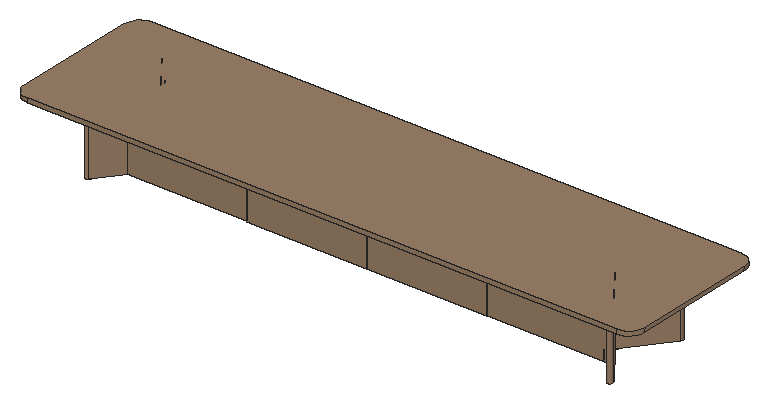
Revit family "Table-Teknion-CFTFFE_Figure_Table_Rectangular_Enclosed_V_Leg_Flat_Edge-R2023", category Furniture, Revit 2023 (continued)
Dimensions and locks (in)
  aligned and locked: Masking region 3 sketch curve to nested 3  (x14)
  aligned and locked: nested 3 to Masking region 3 sketch curve  (x5)
  aligned and locked: curve 12 to nested 2
  aligned and locked: curve 13 to nested 2
  aligned and locked: curve 14 to nested 2
  aligned and locked: curve 15 to nested 2
  aligned and locked: curve 16 to nested 3
  aligned and locked: curve 17 to nested 3
  aligned and locked: curve 18 to nested 3
  aligned and locked: curve 19 to nested 3
  aligned and locked: curve 20 to nested 1
  aligned and locked: curve 21 to nested 1
  aligned and locked: curve 22 to nested 1
  aligned and locked: curve 23 to nested 1
  aligned and locked: curve 25 to nested 2
  aligned and locked: curve 27 to nested 2
  aligned and locked: curve 29 to nested 2
  aligned and locked: curve 31 to nested 2
  aligned and locked: curve 32 to nested 2
  aligned and locked: curve 33 to nested 2
  aligned and locked: curve 34 to nested 2
  aligned and locked: curve 35 to nested 2
  aligned and locked: curve 36 to nested 2
  aligned and locked: curve 37 to nested 2
  aligned and locked: curve 38 to nested 2
  aligned and locked: curve 39 to nested 2
  aligned and locked: curve 40 to nested 2
  aligned and locked: curve 41 to nested 2
  aligned and locked: curve 42 to nested 2
  aligned and locked: curve 43 to nested 2
  aligned and locked: curve 44 to nested 2
  aligned and locked: curve 45 to nested 2
  aligned and locked: curve 46 to nested 2
  aligned and locked: curve 47 to nested 2
  aligned and locked: curve 48 to nested 2
  aligned and locked: curve 49 to nested 2
  aligned and locked: curve 50 to nested 2
  aligned and locked: curve 51 to nested 2
  aligned and locked: curve 53 to nested 3
  aligned and locked: curve 55 to nested 3
  aligned and locked: curve 57 to nested 3
  aligned and locked: curve 59 to nested 3
  aligned and locked: curve 60 to nested 3
  aligned and locked: curve 61 to nested 3
  aligned and locked: curve 62 to nested 3
  aligned and locked: curve 63 to nested 3
  aligned and locked: curve 64 to nested 3
  aligned and locked: curve 65 to nested 3
  aligned and locked: curve 66 to nested 3
  aligned and locked: curve 67 to nested 3
  aligned and locked: curve 68 to nested 3
  aligned and locked: curve 69 to nested 3
  aligned and locked: curve 70 to nested 3
  aligned and locked: curve 71 to nested 3
  aligned and locked: curve 72 to nested 3
  aligned and locked: curve 73 to nested 3
  aligned and locked: curve 74 to nested 3
  aligned and locked: curve 75 to nested 3
  aligned and locked: curve 76 to nested 3
  aligned and locked: curve 77 to nested 3
  aligned and locked: curve 78 to nested 3
  aligned and locked: curve 79 to nested 3
  aligned and locked: curve 81 to nested 1
  aligned and locked: curve 83 to nested 1
  aligned and locked: curve 85 to nested 1
  aligned and locked: curve 87 to nested 1
  aligned and locked: curve 88 to nested 1
  aligned and locked: curve 89 to nested 1
  aligned and locked: curve 90 to nested 1
  aligned and locked: curve 91 to nested 1
  aligned and locked: curve 92 to nested 1
  aligned and locked: curve 93 to nested 1
  aligned and locked: curve 94 to nested 1
  aligned and locked: curve 95 to nested 1
  aligned and locked: curve 96 to nested 1
  aligned and locked: curve 97 to nested 1
  aligned and locked: curve 98 to nested 1
  aligned and locked: curve 99 to nested 1
  aligned and locked: curve 100 to nested 1
  aligned and locked: curve 101 to nested 1
  aligned and locked: curve 102 to nested 1
  aligned and locked: curve 103 to nested 1
  aligned and locked: curve 104 to nested 1
  aligned and locked: curve 105 to nested 1
  aligned and locked: curve 106 to nested 1
  aligned and locked: curve 107 to nested 1
  aligned and locked: curve 109 to Sweep 5
  aligned and locked: curve 111 to Sweep 5
  aligned and locked: curve 113 to Sweep 5
  aligned and locked: curve 115 to Sweep 5
  aligned and locked: curve 117 to Sweep 6
  aligned and locked: curve 119 to Sweep 6
  aligned and locked: curve 121 to Sweep 6
  aligned and locked: curve 123 to Sweep 6
  aligned and locked: curve 125 to Sweep 5
  aligned and locked: curve 127 to Sweep 5
  aligned and locked: curve 129 to Sweep 5
  aligned and locked: curve 131 to Sweep 5
  aligned and locked: curve 137 to Sweep 3
  aligned and locked: curve 139 to Sweep 3
  aligned and locked: curve 141 to Sweep 3
  aligned and locked: curve 143 to Sweep 3
  aligned and locked: curve 145 to Sweep 3
  aligned and locked: curve 147 to Sweep 3
  aligned and locked: curve 149 to Sweep 3
  aligned and locked: curve 151 to Sweep 3
  aligned and locked: curve 153 to Sweep 4
  aligned and locked: curve 155 to Sweep 4
  aligned and locked: curve 157 to Sweep 4
  aligned and locked: curve 159 to Sweep 4
  aligned and locked: curve 160 to plane 6 "Back"
  aligned and locked: plane 7 "Front" to curve 161
  aligned and locked: curve 162 to plane 4 "Left"
  aligned and locked: plane 5 "Right" to curve 163
  aligned and locked: plane 3 "Center Left/Right" to nested 4
  aligned and locked: plane 1 "Center Front/Back" to nested 4
  aligned and locked: nested 6 to plane 1 "Center Front/Back"
  aligned and locked: plane 1 "Center Front/Back" to nested 5
  aligned and locked: nested 5 to plane 10
  aligned and locked: nested 6 to plane 9
  aligned and locked: nested 9 to plane 17
  aligned and locked: plane 3 "Center Left/Right" to nested 8
  aligned and locked: plane 16 to nested 7
  aligned and locked: plane 1 "Center Front/Back" to nested 7
  aligned and locked: plane 1 "Center Front/Back" to nested 8
  aligned and locked: plane 1 "Center Front/Back" to nested 9
  aligned and locked: Sweep 7 sketch curve to plane 3 "Center Left/Right"
  aligned and locked: nested 6 to Sweep 7 sketch curve  (x4)
  aligned and locked: plane 18 to Sweep 7 sketch curve
  aligned and locked: nested 5 to Sweep 7 sketch curve  (x4)
  aligned and locked: Sweep 7 sketch curve to plane 19
  aligned and locked: Sweep 8 sketch curve to plane 1 "Center Front/Back"
  aligned and locked: plane 5 "Right" to Sweep 8 sketch curve
  aligned and locked: plane 4 "Left" to Sweep 8 sketch curve
  aligned and locked: plane 3 "Center Left/Right" to Sweep 9 sketch curve
  aligned and locked: plane 19 to Sweep 9 sketch curve
  aligned and locked: Sweep 9 sketch curve to plane 18
  aligned and locked: Sweep 9 sketch curve to Sweep 9 sketch curve  (x8)
  aligned and locked: plane 18 to Sweep 9 sketch curve
  aligned and locked: Sweep 9 sketch curve to plane 19
  aligned and locked: plane 3 "Center Left/Right" to Sweep 10 sketch curve
  aligned and locked: Sweep 10 sketch curve to plane 18
  aligned and locked: plane 19 to Sweep 10 sketch curve
  aligned and locked: Sweep 10 sketch curve to Sweep 10 sketch curve  (x4)
  aligned and locked: nested 8 to Masking region 4 sketch curve  (x2)
  aligned and locked: Masking region 4 sketch curve to nested 8  (x2)
  aligned and locked: nested 3 to Masking region 4 sketch curve  (x4)
  aligned and locked: curve 165 to nested 6
  aligned and locked: curve 167 to nested 6
  aligned and locked: curve 168 to nested 6
  aligned and locked: curve 169 to nested 6
  aligned and locked: curve 170 to nested 6
  aligned and locked: curve 171 to nested 6
  aligned and locked: curve 172 to nested 6
  aligned and locked: curve 173 to nested 6
  aligned and locked: curve 174 to nested 6
  aligned and locked: curve 175 to nested 6
  aligned and locked: curve 176 to nested 5
  aligned and locked: curve 178 to nested 5
  aligned and locked: curve 179 to nested 5
  aligned and locked: curve 180 to nested 5
  aligned and locked: curve 182 to nested 5
  aligned and locked: curve 183 to nested 5
  aligned and locked: curve 184 to nested 5
  aligned and locked: curve 185 to nested 5
  aligned and locked: curve 186 to nested 5
  aligned and locked: curve 187 to nested 5
  aligned and locked: curve 190 to cut or joined group of Sweep 7, Sweep 8, Sweep 9, Sweep 10
  aligned and locked: curve 192 to cut or joined group of Sweep 7, Sweep 8, Sweep 9, Sweep 10
  aligned and locked: cut or joined group of Sweep 7, Sweep 8, Sweep 9, Sweep 10 to curve 193
  aligned and locked: curve 194 to cut or joined group of Sweep 7, Sweep 8, Sweep 9, Sweep 10
  aligned and locked: cut or joined group of Sweep 7, Sweep 8, Sweep 9, Sweep 10 to curve 195
  aligned and locked: curve 196 to cut or joined group of Sweep 7, Sweep 8, Sweep 9, Sweep 10
  aligned and locked: cut or joined group of Sweep 7, Sweep 8, Sweep 9, Sweep 10 to curve 197
  aligned and locked: curve 198 to cut or joined group of Sweep 7, Sweep 8, Sweep 9, Sweep 10
  aligned and locked: curve 199 to cut or joined group of Sweep 7, Sweep 8, Sweep 9, Sweep 10
  aligned and locked: curve 200 to cut or joined group of Sweep 7, Sweep 8, Sweep 9, Sweep 10
  aligned and locked: cut or joined group of Sweep 7, Sweep 8, Sweep 9, Sweep 10 to curve 201
  aligned and locked: curve 203 to cut or joined group of Sweep 7, Sweep 8, Sweep 9, Sweep 10
  aligned and locked: cut or joined group of Sweep 7, Sweep 8, Sweep 9, Sweep 10 to curve 204
  aligned and locked: curve 205 to cut or joined group of Sweep 7, Sweep 8, Sweep 9, Sweep 10
  aligned and locked: curve 206 to nested 8
  aligned and locked: curve 207 to nested 8
  aligned and locked: curve 208 to nested 8
  aligned and locked: curve 209 to nested 8
  aligned and locked: curve 210 to nested 8
  aligned and locked: curve 211 to nested 8
  aligned and locked: cut or joined group of Sweep 7, Sweep 8, Sweep 9, Sweep 10 to curve 212
  aligned and locked: curve 213 to cut or joined group of Sweep 7, Sweep 8, Sweep 9, Sweep 10
  aligned and locked: curve 214 to cut or joined group of Sweep 7, Sweep 8, Sweep 9, Sweep 10
  aligned and locked: cut or joined group of Sweep 7, Sweep 8, Sweep 9, Sweep 10 to curve 215
  aligned and locked: curve 216 to cut or joined group of Sweep 7, Sweep 8, Sweep 9, Sweep 10
  aligned and locked: cut or joined group of Sweep 7, Sweep 8, Sweep 9, Sweep 10 to curve 217
  aligned and locked: curve 219 to cut or joined group of Sweep 7, Sweep 8, Sweep 9, Sweep 10
  aligned and locked: curve 221 to cut or joined group of Sweep 7, Sweep 8, Sweep 9, Sweep 10
  aligned and locked: cut or joined group of Sweep 7, Sweep 8, Sweep 9, Sweep 10 to curve 222
  aligned and locked: curve 224 to cut or joined group of Sweep 7, Sweep 8, Sweep 9, Sweep 10
  aligned and locked: curve 225 to cut or joined group of Sweep 7, Sweep 8, Sweep 9, Sweep 10
  aligned and locked: cut or joined group of Sweep 7, Sweep 8, Sweep 9, Sweep 10 to curve 227
  aligned and locked: curve 229 to cut or joined group of Sweep 7, Sweep 8, Sweep 9, Sweep 10
  aligned and locked: curve 230 to cut or joined group of Sweep 7, Sweep 8, Sweep 9, Sweep 10
  aligned and locked: cut or joined group of Sweep 7, Sweep 8, Sweep 9, Sweep 10 to curve 231
  aligned and locked: curve 232 to cut or joined group of Sweep 7, Sweep 8, Sweep 9, Sweep 10
  aligned and locked: cut or joined group of Sweep 7, Sweep 8, Sweep 9, Sweep 10 to curve 233
  aligned and locked: cut or joined group of Sweep 7, Sweep 8, Sweep 9, Sweep 10 to curve 234
  aligned and locked: cut or joined group of Sweep 7, Sweep 8, Sweep 9, Sweep 10 to curve 235
  aligned and locked: cut or joined group of Sweep 7, Sweep 8, Sweep 9, Sweep 10 to curve 236
  aligned and locked: curve 237 to cut or joined group of Sweep 7, Sweep 8, Sweep 9, Sweep 10
  aligned and locked: curve 238 to nested 7
  aligned and locked: curve 239 to nested 7
  aligned and locked: curve 240 to nested 7
  aligned and locked: curve 241 to nested 7
  aligned and locked: curve 242 to nested 7
  aligned and locked: curve 243 to nested 7
  aligned and locked: curve 244 to nested 7
  aligned and locked: curve 245 to nested 9
  aligned and locked: curve 246 to nested 9
  aligned and locked: curve 247 to nested 9
  aligned and locked: curve 248 to nested 9
  aligned and locked: curve 249 to nested 9
  aligned and locked: curve 250 to nested 9
  aligned and locked: curve 251 to nested 9
  aligned and locked: curve 252 to cut or joined group of Sweep 7, Sweep 8, Sweep 9, Sweep 10
  aligned and locked: curve 253 to cut or joined group of Sweep 7, Sweep 8, Sweep 9, Sweep 10
  aligned and locked: curve 255 to cut or joined group of Sweep 7, Sweep 8, Sweep 9, Sweep 10
  aligned and locked: cut or joined group of Sweep 7, Sweep 8, Sweep 9, Sweep 10 to curve 256
  aligned and locked: cut or joined group of Sweep 7, Sweep 8, Sweep 9, Sweep 10 to curve 257
  aligned and locked: cut or joined group of Sweep 7, Sweep 8, Sweep 9, Sweep 10 to curve 258
  aligned and locked: curve 259 to cut or joined group of Sweep 7, Sweep 8, Sweep 9, Sweep 10
  aligned and locked: cut or joined group of Sweep 7, Sweep 8, Sweep 9, Sweep 10 to curve 260
  aligned and locked: cut or joined group of Sweep 7, Sweep 8, Sweep 9, Sweep 10 to curve 261
  aligned and locked: curve 262 to cut or joined group of Sweep 7, Sweep 8, Sweep 9, Sweep 10
  aligned and locked: curve 263 to cut or joined group of Sweep 7, Sweep 8, Sweep 9, Sweep 10
  aligned and locked: curve 264 to cut or joined group of Sweep 7, Sweep 8, Sweep 9, Sweep 10
  aligned and locked: cut or joined group of Sweep 7, Sweep 8, Sweep 9, Sweep 10 to curve 265
  aligned and locked: curve 266 to cut or joined group of Sweep 7, Sweep 8, Sweep 9, Sweep 10
  aligned and locked: cut or joined group of Sweep 7, Sweep 8, Sweep 9, Sweep 10 to curve 267
  aligned and locked: cut or joined group of Sweep 7, Sweep 8, Sweep 9, Sweep 10 to curve 268
  aligned and locked: cut or joined group of Sweep 7, Sweep 8, Sweep 9, Sweep 10 to curve 269
  aligned and locked: cut or joined group of Sweep 7, Sweep 8, Sweep 9, Sweep 10 to curve 270
  aligned and locked: curve 271 to cut or joined group of Sweep 7, Sweep 8, Sweep 9, Sweep 10
  aligned and locked: cut or joined group of Sweep 7, Sweep 8, Sweep 9, Sweep 10 to curve 272
  aligned and locked: cut or joined group of Sweep 7, Sweep 8, Sweep 9, Sweep 10 to curve 273
  aligned and locked: cut or joined group of Sweep 7, Sweep 8, Sweep 9, Sweep 10 to curve 274
  aligned and locked: curve 275 to cut or joined group of Sweep 7, Sweep 8, Sweep 9, Sweep 10
  aligned and locked: curve 276 to cut or joined group of Sweep 7, Sweep 8, Sweep 9, Sweep 10
  aligned and locked: curve 278 to cut or joined group of Sweep 7, Sweep 8, Sweep 9, Sweep 10
  aligned and locked: cut or joined group of Sweep 7, Sweep 8, Sweep 9, Sweep 10 to curve 279
  aligned and locked: cut or joined group of Sweep 7, Sweep 8, Sweep 9, Sweep 10 to curve 282
  aligned and locked: cut or joined group of Sweep 7, Sweep 8, Sweep 9, Sweep 10 to curve 285
  aligned and locked: curve 286 to cut or joined group of Sweep 7, Sweep 8, Sweep 9, Sweep 10
  aligned and locked: curve 287 to cut or joined group of Sweep 7, Sweep 8, Sweep 9, Sweep 10
  aligned and locked: curve 288 to nested 6
  aligned and locked: curve 289 to nested 6
  aligned and locked: curve 290 to nested 6
  aligned and locked: curve 291 to nested 6
  aligned and locked: curve 292 to nested 6
  aligned and locked: curve 293 to nested 6
  aligned and locked: curve 294 to nested 6
  aligned and locked: curve 295 to nested 6
  aligned and locked: curve 296 to nested 5
  aligned and locked: curve 297 to nested 5
  aligned and locked: curve 298 to nested 5
  aligned and locked: curve 299 to nested 5
  aligned and locked: curve 300 to nested 5
  aligned and locked: curve 301 to nested 5
  aligned and locked: curve 302 to nested 5
  aligned and locked: curve 303 to nested 5
  aligned and locked: curve 304 to nested 9
  aligned and locked: curve 305 to nested 9
  aligned and locked: curve 306 to nested 9
  aligned and locked: curve 307 to nested 9
  aligned and locked: curve 308 to nested 9
  aligned and locked: curve 309 to nested 9
  aligned and locked: curve 310 to nested 9
  aligned and locked: curve 311 to nested 9
  aligned and locked: curve 312 to nested 7
  aligned and locked: curve 313 to nested 7
  aligned and locked: curve 314 to nested 7
  aligned and locked: curve 315 to nested 7
  aligned and locked: curve 316 to nested 7
  aligned and locked: curve 317 to nested 7
  aligned and locked: curve 318 to nested 7
  aligned and locked: curve 319 to nested 7
  aligned and locked: curve 320 to nested 8
  aligned and locked: curve 321 to nested 8
  aligned and locked: curve 322 to nested 8
  aligned and locked: curve 323 to nested 8
  aligned and locked: curve 324 to nested 8
  aligned and locked: curve 325 to nested 8
  aligned and locked: curve 326 to nested 8
  aligned and locked: curve 327 to nested 8
  aligned and locked: curve 328 to nested 8
  aligned and locked: plane 6 "Back" to Sweep 1 sketch curve
  aligned and locked: Sweep 1 sketch curve to plane 4 "Left"
  aligned and locked: Sweep 1 sketch curve to plane 7 "Front"
  aligned and locked: Sweep 1 sketch curve to plane 5 "Right"
  aligned and locked: Sweep 11 sketch curve to plane 3 "Center Left/Right"
  aligned and locked: plane 8 "Top" to Sweep 11 sketch curve
  aligned and locked: Sweep 11 sketch curve to plane 4 "Left"
  aligned and locked: plane 5 "Right" to Sweep 11 sketch curve
  aligned and locked: Sweep 11 sketch curve to plane 6 "Back"
  aligned and locked: plane 7 "Front" to Sweep 11 sketch curve
  aligned and locked: nested 8 to plane 2
  aligned and locked: nested 9 to plane 2
  aligned and locked: nested 6 to plane 2
  aligned and locked: nested 5 to plane 2
  aligned and locked: nested 7 to plane 2
  aligned and locked: Masking region 5 sketch curve to cut or joined group of Sweep 3, Sweep 4, Sweep 5, Sweep 6, Sweep 11  (x4)
Automatic sketch dimensions
  curve 3 to plane 8 "Top" = 0.000"
  plane 1 "Center Front/Back" to curve 1 = 2.69291"
  curve 15 to curve 25 = 0.000"
  curve 23 to curve 81 = 0.000"
  curve 58 to curve 16 = 0.000"
  curve 86 to curve 20 = 0.000"
  curve 30 to curve 12 = 0.000"
  curve 19 to curve 53 = 0.000"
  curve 18 to curve 74 = 0.29867"
  curve 21 to curve 90 = 0.29867"
  curve 17 to curve 62 = 0.29867"
  curve 22 to curve 102 = 0.29867"
  curve 14 to curve 49 = 0.29867"
  curve 13 to curve 34 = 0.29867"
  curve 51 to curve 14 = 0.29867"
  curve 104 to curve 22 = 0.29867"
  curve 60 to curve 17 = 0.29867"
  curve 32 to curve 13 = 0.29867"
  curve 76 to curve 18 = 0.29867"
  curve 88 to curve 21 = 0.29867"
  curve 15 to curve 26 = 0.000"
  curve 29 to curve 12 = 0.000"
  curve 57 to curve 16 = 0.000"
  curve 23 to curve 82 = 0.000"
  curve 19 to curve 54 = 0.000"
  curve 85 to curve 20 = 0.000"
  curve 32 to curve 13 = 0.11171"
  curve 14 to curve 49 = 0.11171"
  plane 1 "Center Front/Back" to curve 164 = 0.000"
  plane 1 "Center Front/Back" to curve 167 = 0.000"
  plane 1 "Center Front/Back" to curve 180 = 0.000"
  plane 1 "Center Front/Back" to curve 181 = 0.000"
  curve 171 to curve 194 = 0.00035"
  curve 194 to curve 179 = 0.00035"
  curve 170 to curve 203 = 0.00035"
  curve 203 to curve 178 = 0.00035"
  curve 206 to plane 19 = 0.846"
  curve 206 to plane 18 = 0.846"
  curve 207 to plane 19 = 0.846"
  curve 207 to plane 18 = 0.846"
  curve 216 to curve 215 = 0.000"
  curve 215 to curve 220 = 0.125"
  curve 227 to curve 225 = 0.000"
  curve 238 to plane 19 = 0.846"
  curve 238 to plane 18 = 0.846"
  curve 222 to curve 239 = 0.096"
  curve 239 to curve 213 = 0.096"
  curve 240 to plane 19 = 0.846"
  curve 240 to plane 18 = 0.846"
  curve 245 to plane 19 = 0.846"
  curve 245 to plane 18 = 0.846"
  curve 246 to plane 19 = 0.846"
  curve 246 to plane 18 = 0.846"
  curve 229 to curve 251 = 0.096"
  curve 251 to curve 221 = 0.096"
  curve 256 to curve 225 = 0.000"
  curve 279 to curve 215 = 0.000"
  curve 283 to curve 216 = 0.000"
  curve 288 to curve 169 = 0.00567"
  curve 288 to curve 288 = 0.30438"
  curve 290 to curve 290 = 0.30438"  (x2)
  curve 292 to curve 292 = 0.30438"  (x2)
  curve 294 to curve 168 = 0.00567"
  curve 294 to curve 294 = 0.30438"
  curve 296 to curve 296 = 0.30438"
  curve 186 to curve 296 = 0.00567"
  curve 298 to curve 298 = 0.30438"  (x2)
  curve 300 to curve 300 = 0.30438"  (x2)
  curve 302 to curve 302 = 0.30438"
  curve 187 to curve 302 = 0.00567"
  curve 313 to curve 312 = 0.000"
  curve 312 to curve 312 = 0.000"
  curve 188 to curve 328 = 0.096"
  curve 328 to curve 198 = 0.096"
  curve 4 to plane 15 = 0.500"
  curve 6 to plane 15 = 0.500"
  curve 7 to plane 15 = 0.500"
  curve 9 to plane 15 = 0.500"
  Sweep 11 sketch curve to Sweep 11 sketch curve = 6.000"  (x3)
  Sweep 11 sketch curve to Sweep 11 sketch curve = 0.000"
  curve 134 to plane 7 "Front" = 8.000"
  plane 5 "Right" to curve 134 = 8.000"
  curve 10 to plane 6 "Back" = 0.000"
  curve 9 to plane 7 "Front" = 0.000"
  curve 2 to plane 7 "Front" = 0.000"
  curve 2 to plane 15 = 0.500"
  curve 11 to plane 1 "Center Front/Back" = 2.69291"
  plane 1 "Center Front/Back" to curve 11 = 2.69291"
  curve 6 to plane 6 "Back" = 0.000"
  curve 3 to plane 15 = 0.500"
  curve 132 to plane 6 "Back" = 8.000"
  plane 4 "Left" to curve 133 = 8.000"
Nested families (in)
  nested 1: "12 Inch Standard Recessed Access Door" at (-1272, 150, -0.06), Finish <- "Power Cover Finish", visible <- "Power - 2 & 3", type "12 Inch Compact Recessed Access Door"
    with To render please download texture images found here "https://assets.teknion.com/web/5e81352c1dfdb467/revit-material-swatches/", How To Use Teknion Materials User Guide "https://assets.teknion.com/m/205dd0a49fa58060/original/How-to-add-a-Material-Library-and-Texture-Images-to-your-Revit-project.pdf", For Additional Finishes please visit "https://assets.teknion.com/m/44a8009b046e5d47/original/Teknion_Materials_Library.zip", Finish Paint - Teknion - Foundation - Sand
  nested 2: "12 Inch Standard Recessed Access Door" at (-1428, 150, -0.06), Finish <- "Power Cover Finish", visible <- "Power - 2 & 3", type "12 Inch Compact Recessed Access Door"
    with To render please download texture images found here "https://assets.teknion.com/web/5e81352c1dfdb467/revit-material-swatches/", How To Use Teknion Materials User Guide "https://assets.teknion.com/m/205dd0a49fa58060/original/How-to-add-a-Material-Library-and-Texture-Images-to-your-Revit-project.pdf", For Additional Finishes please visit "https://assets.teknion.com/m/44a8009b046e5d47/original/Teknion_Materials_Library.zip", Finish Paint - Teknion - Foundation - Sand
  nested 3: "12 Inch Standard Recessed Access Door" at (-1350, 150, -0.06), Finish <- "Power Cover Finish", visible <- "Power - 1 & 3", type "12 Inch Compact Recessed Access Door"
    with To render please download texture images found here "https://assets.teknion.com/web/5e81352c1dfdb467/revit-material-swatches/", How To Use Teknion Materials User Guide "https://assets.teknion.com/m/205dd0a49fa58060/original/How-to-add-a-Material-Library-and-Texture-Images-to-your-Revit-project.pdf", For Additional Finishes please visit "https://assets.teknion.com/m/44a8009b046e5d47/original/Teknion_Materials_Library.zip", Finish Paint - Teknion - Foundation - Sand
  nested 4: "Teknion_2D_Node_Family-R2016" at (0, 0, 0), type "Teknion_2D_Node_Family-R2016"
  nested 5: "Enclosed V-Leg" at (85.236, 0, 0), Base Finish <- "Base Finish", Glide Finish <- "Glide Finish", Enclosed V-Leg - Depth <- "Depth", type "Enclosed V-Leg"
    with To render please download texture images found here "https://assets.teknion.com/web/5e81352c1dfdb467/revit-material-swatches/", How To Use Teknion Materials User Guide "https://assets.teknion.com/m/205dd0a49fa58060/original/How-to-add-a-Material-Library-and-Texture-Images-to-your-Revit-project.pdf", Glide Finish Paint - Teknion - Foundation - Sand, For Additional Finishes please visit "https://assets.teknion.com/m/44a8009b046e5d47/original/Teknion_Materials_Library.zip", Enclosed V-Leg - Depth 60.000", Dim 2 21.428", Dim 1 7.500", Base Finish Veneer-Teknion-LX-Natural_Veneer_V3-Sierra_Flat_Cut
  nested 6: "Enclosed V-Leg" at (-85.236, 0, 0) x (-1, 0, 0) z (0, 0, 1), Base Finish <- "Base Finish", Glide Finish <- "Glide Finish", Enclosed V-Leg - Depth <- "Depth", type "Enclosed V-Leg"
    with To render please download texture images found here "https://assets.teknion.com/web/5e81352c1dfdb467/revit-material-swatches/", How To Use Teknion Materials User Guide "https://assets.teknion.com/m/205dd0a49fa58060/original/How-to-add-a-Material-Library-and-Texture-Images-to-your-Revit-project.pdf", Glide Finish Paint - Teknion - Foundation - Sand, For Additional Finishes please visit "https://assets.teknion.com/m/44a8009b046e5d47/original/Teknion_Materials_Library.zip", Enclosed V-Leg - Depth 60.000", Dim 2 21.428", Dim 1 7.500", Base Finish Veneer-Teknion-LX-Natural_Veneer_V3-Sierra_Flat_Cut
  nested 7: "Base 1" at (-46.804, 0, 0), visible <- "Base - 2", Base Finish <- "Base Finish", Glide Finish <- "Glide Finish", Base - Depth <- "Depth", type "Base 1"
    with To render please download texture images found here "https://assets.teknion.com/web/5e81352c1dfdb467/revit-material-swatches/", How To Use Teknion Materials User Guide "https://assets.teknion.com/m/205dd0a49fa58060/original/How-to-add-a-Material-Library-and-Texture-Images-to-your-Revit-project.pdf", Glide Finish Paint - Teknion - Foundation - Sand, For Additional Finishes please visit "https://assets.teknion.com/m/44a8009b046e5d47/original/Teknion_Materials_Library.zip", Dim 1 15.000", Base Finish Veneer-Teknion-LX-Natural_Veneer_V3-Sierra_Flat_Cut, Base - Depth 60.000"
  nested 8: "Base 1" at (0, 0, 0), visible <- "Base - 1", Base Finish <- "Base Finish", Glide Finish <- "Glide Finish", Base - Depth <- "Depth", type "Base 1"
    with To render please download texture images found here "https://assets.teknion.com/web/5e81352c1dfdb467/revit-material-swatches/", How To Use Teknion Materials User Guide "https://assets.teknion.com/m/205dd0a49fa58060/original/How-to-add-a-Material-Library-and-Texture-Images-to-your-Revit-project.pdf", Glide Finish Paint - Teknion - Foundation - Sand, For Additional Finishes please visit "https://assets.teknion.com/m/44a8009b046e5d47/original/Teknion_Materials_Library.zip", Dim 1 15.000", Base Finish Veneer-Teknion-LX-Natural_Veneer_V3-Sierra_Flat_Cut, Base - Depth 60.000"
  nested 9: "Base 1" at (46.804, 0, 0), visible <- "Base - 2", Base Finish <- "Base Finish", Glide Finish <- "Glide Finish", Base - Depth <- "Depth", type "Base 1"
    with To render please download texture images found here "https://assets.teknion.com/web/5e81352c1dfdb467/revit-material-swatches/", How To Use Teknion Materials User Guide "https://assets.teknion.com/m/205dd0a49fa58060/original/How-to-add-a-Material-Library-and-Texture-Images-to-your-Revit-project.pdf", Glide Finish Paint - Teknion - Foundation - Sand, For Additional Finishes please visit "https://assets.teknion.com/m/44a8009b046e5d47/original/Teknion_Materials_Library.zip", Dim 1 15.000", Base Finish Veneer-Teknion-LX-Natural_Veneer_V3-Sierra_Flat_Cut, Base - Depth 60.000"
Definition of nested family "12 Inch Standard Recessed Access Door"
  Parameters (values of type "12 Inch Compact Recessed Access Door")
    Warranty = "http://www.teknion.com/ca/papers/legal-canada"
    Unit Weight URL = "http://www.teknion.com/ca/tools/assets#&asset=bee6a381-b954-425e-8283-5a2de3a804f2,f828d448-4b62-4231-9e5f-9a8991c0ed77"
    URL = "www.teknion.com"
    To render please download texture images found here [instance] = "https://assets.teknion.com/web/5e81352c1dfdb467/revit-material-swatches/"
    Sustainability Data = "https://www.teknion.com/ca/tools/assets#&topic=216f99a5-57a0-44fc-b10a-9dee9b29ae4c&asset=444deb64-fe58-4b68-981e-f75e97781df7,b4ff2d81-9f2e-437d-9659-7cffb09c31cf"
    Series = ""
    Product Page URL = ""
    Product Line = ""
    Product Documentation Link = ""
    Part Number = ""
    Model = "1"
    Manufacturer Phone = "416-661-3370"  # constant formula
    Manufacturer Fax = "416.661.4586"  # constant formula
    Manufacturer Contact Information = "http://www.teknion.com/ca/contactus"
    Manufacturer Address = "1150 Flint Road, Toronto, ON. M3J 2J5. Canada"  # constant formula
    Manufacturer = "Teknion"  # constant formula
    How To Use Teknion Materials User Guide [instance] = "https://assets.teknion.com/m/205dd0a49fa58060/original/How-to-add-a-Material-Library-and-Texture-Images-to-your-Revit-project.pdf"
    For Additional Finishes please visit [instance] = "https://assets.teknion.com/m/44a8009b046e5d47/original/Teknion_Materials_Library.zip"
    Finish [instance] = none
    Description = "12 Inch Compact Recessed Access Door"
    Default Elevation = 0.000"
    Assembly Code = "E2020200"
  Reference planes (in)
    plane 1 "Center Front/Back": y = -150
    plane 2: z = 0
    plane 3 "Center Left/Right": x = 1350
    plane 4 "Left": x = 1343.97244
    plane 5 "Right": x = 1356.02756
    plane 6 "Back": y = -147.19685
    plane 7 "Front": y = -152.80315
    plane 8 "Top": z = 29.06
    plane 9: z = 29.13087
    plane 10: z = 27.55606
  Forms (in)
    Sweep 1, solid, material <- "Finish"
      path origin (0, -150, 0) x (1, 0, 0) y (0, 0, 1)
        loop
          line (1350, 29.0915) -> (1350, 28.93402)
      profile origin (1350, -150, 29.01276) x (0, -1, 0) y (1, 0, 0)
        loop
          line (-1.96727, 5.55118) -> (-1.96727, -5.55118)
          arc (-1.96727, -5.55118) -> (-1.93304, -5.63382) -> (-1.85039, -5.66805) r 0.11687
          line (-1.85039, -5.66805) -> (1.85039, -5.66805)
          arc (1.85039, -5.66805) -> (1.93304, -5.63382) -> (1.96727, -5.55118) r 0.11687
          line (1.96727, -5.55118) -> (1.96727, 5.55118)
          arc (1.96727, 5.55118) -> (1.93304, 5.63382) -> (1.85039, 5.66805) r 0.11687
          line (1.85039, 5.66805) -> (-1.85039, 5.66805)
          arc (-1.85039, 5.66805) -> (-1.93304, 5.63382) -> (-1.96727, 5.55118) r 0.11687
    Sweep 2, solid, material <- "Finish"
      path origin (0, 0, 0) x (1, 0, 0) y (0, 1, 0)
        loop
          line (1345.02559, -150.97077) -> (1345.50591, -150.97077)
      profile origin (1345.26575, -150.97077, 0) x (0, 1, 0) y (0, 0, 1)
        loop
          arc (-0.58221, 28.65831) -> (-0.29695, 28.37305) -> (-0.01169, 28.65831) r 0.28526
          line (-0.01169, 28.65831) -> (0, 28.99307) -> (-0.5939, 28.99307) -> (-0.58221, 28.65831)
    Sweep 3, solid, material <- "Finish"
      path origin (4.42913, 2.53543, 0) x (1, 0, 0) y (0, 1, 0)
        loop
          line (1350.06496, -150.97077) -> (1350.54528, -150.97077)
      profile origin (1354.73425, -148.43533, 0) x (0, 1, 0) y (0, 0, 1)
        loop
          arc (-0.58221, 28.65831) -> (-0.29695, 28.37305) -> (-0.01169, 28.65831) r 0.28526
          line (-0.01169, 28.65831) -> (0, 28.99307) -> (-0.5939, 28.99307) -> (-0.58221, 28.65831)
    Sweep 4, solid, material <- "Finish"
      path origin (0, 0, 0) x (1, 0, 0) y (0, 1, 0)
        loop
          line (1344.95276, -150) -> (1344.53543, -150)
      profile origin (1344.74409, -150, 0) x (0, -1, 0) y (0, 0, 1)
        loop
          line (1.26772, 28.9537) -> (-1.26772, 28.9537)
          arc (-1.26772, 28.9537) -> (-1.46955, 28.8701) -> (-1.55315, 28.66827) r 0.28543
          arc (-1.55315, 28.66827) -> (-1.46955, 28.46644) -> (-1.26772, 28.38283) r 0.28543
          line (-1.26772, 28.38283) -> (1.26772, 28.38283)
          arc (1.26772, 28.38283) -> (1.46955, 28.46644) -> (1.55315, 28.66827) r 0.28543
          arc (1.55315, 28.66827) -> (1.46955, 28.8701) -> (1.26772, 28.9537) r 0.28543
    Sweep 5, solid, material <- "Finish"
      path origin (2700, 0, 0) x (-1, 0, 0) y (0, -1, 0)
        loop
          line (1344.95276, 150) -> (1344.53543, 150)
      profile origin (1355.25591, -150, 0) x (0, 1, 0) y (0, 0, 1)
        loop
          arc (-1.26772, 28.9537) -> (-1.46955, 28.8701) -> (-1.55315, 28.66827) r 0.28543
          arc (-1.55315, 28.66827) -> (-1.46955, 28.46644) -> (-1.26772, 28.38283) r 0.28543
          line (-1.26772, 28.38283) -> (1.26772, 28.38283)
          arc (1.26772, 28.38283) -> (1.46955, 28.46644) -> (1.55315, 28.66827) r 0.28543
          arc (1.55315, 28.66827) -> (1.46955, 28.8701) -> (1.26772, 28.9537) r 0.28543
          line (1.26772, 28.9537) -> (-1.26772, 28.9537)
    Sweep 6, solid, material <- "Finish"
      path origin (0, -150, 0) x (1, 0, 0) y (0, 0, 1)
        loop
          line (1350, 28.30172) -> (1350, 27.55606)
      profile origin (1350, -150, 27.92889) x (0, -1, 0) y (1, 0, 0)
        loop
          line (1.35626, -5.83069) -> (2.28346, -5.83069)
          arc (2.28346, -5.83069) -> (2.51173, -5.73614) -> (2.60628, -5.50787) r 0.32281
          line (2.60628, -5.50787) -> (2.60628, 5.50787)
          arc (2.60628, 5.50787) -> (2.51173, 5.73614) -> (2.28346, 5.83069) r 0.32281
          line (2.28346, 5.83069) -> (1.35626, 5.83069) -> (-1.35626, 5.83069) -> (-2.28346, 5.83069)
          arc (-2.28346, 5.83069) -> (-2.51173, 5.73614) -> (-2.60628, 5.50787) r 0.32281
          line (-2.60628, 5.50787) -> (-2.60628, -5.50787)
          arc (-2.60628, -5.50787) -> (-2.51173, -5.73614) -> (-2.28346, -5.83069) r 0.32281
          line (-2.28346, -5.83069) -> (-1.35626, -5.83069) -> (1.35626, -5.83069)
        loop
          arc (2.28346, -5.74014) -> (2.4477, -5.67211) -> (2.51573, -5.50787) r 0.23226
          line (2.51573, -5.50787) -> (2.51573, 5.50787)
          arc (2.51573, 5.50787) -> (2.4477, 5.67211) -> (2.28346, 5.74014) r 0.23226
          line (2.28346, 5.74014) -> (1.44686, 5.74014) -> (1.44686, 5.10236) -> (-1.44686, 5.10236) -> (-1.44686, 5.74014) -> (-2.28346, 5.74014)
          arc (-2.28346, 5.74014) -> (-2.4477, 5.67211) -> (-2.51573, 5.50787) r 0.23226
          line (-2.51573, 5.50787) -> (-2.51573, -5.50787)
          arc (-2.51573, -5.50787) -> (-2.4477, -5.67211) -> (-2.28346, -5.74014) r 0.23226
          line (-2.28346, -5.74014) -> (-1.44686, -5.74014) -> (-1.44686, -5.10236) -> (1.44686, -5.10236) -> (1.44686, -5.74014) -> (2.28346, -5.74014)
    SweptBlend 7, solid, material <- "Finish"
      path origin (0, -150, 0) x (1, 0, 0) y (0, 0, 1)
        loop
          line (1350, 28.30172) -> (1350, 29.06)
      profile origin (1350, -150, 28.30172) x (-1, 0, 0) y (0, -1, 0)
        loop
          line (5.50787, 2.60628) -> (-5.50787, 2.60628)
          arc (-5.50787, 2.60628) -> (-5.73614, 2.51173) -> (-5.83069, 2.28346) r 0.32281
          line (-5.83069, 2.28346) -> (-5.83069, -2.28346)
          arc (-5.83069, -2.28346) -> (-5.73614, -2.51173) -> (-5.50787, -2.60628) r 0.32281
          line (-5.50787, -2.60628) -> (5.50787, -2.60628)
          arc (5.50787, -2.60628) -> (5.73614, -2.51173) -> (5.83069, -2.28346) r 0.32281
          line (5.83069, -2.28346) -> (5.83069, 2.28346)
          arc (5.83069, 2.28346) -> (5.73614, 2.51173) -> (5.50787, 2.60628) r 0.32281
      end profile origin (1350, -150, 29.06) x (-1, 0, 0) y (0, -1, 0)
        loop
          line (5.50787, 2.64602) -> (-5.50787, 2.64602)
          arc (-5.50787, 2.64602) -> (-5.76424, 2.53983) -> (-5.87043, 2.28346) r 0.36255
          line (-5.87043, 2.28346) -> (-5.87043, -2.28346)
          arc (-5.87043, -2.28346) -> (-5.76424, -2.53983) -> (-5.50787, -2.64602) r 0.36255
          line (-5.50787, -2.64602) -> (5.50787, -2.64602)
          arc (5.50787, -2.64602) -> (5.76424, -2.53983) -> (5.87043, -2.28346) r 0.36255
          line (5.87043, -2.28346) -> (5.87043, 2.28346)
          arc (5.87043, 2.28346) -> (5.76424, 2.53983) -> (5.50787, 2.64602) r 0.36255
    SweptBlend 8, void
      path origin (0, -150, 0) x (1, 0, 0) y (0, 0, 1)
        loop
          line (1350, 28.30172) -> (1350, 29.13087)
      profile origin (1350, -150, 28.30172) x (-1, 0, 0) y (0, -1, 0)
        loop
          arc (-5.50787, 2.51573) -> (-5.67211, 2.4477) -> (-5.74014, 2.28346) r 0.23226
          line (-5.74014, 2.28346) -> (-5.74014, -2.28346)
          arc (-5.74014, -2.28346) -> (-5.67211, -2.4477) -> (-5.50787, -2.51573) r 0.23226
          line (-5.50787, -2.51573) -> (5.50787, -2.51573)
          arc (5.50787, -2.51573) -> (5.67211, -2.4477) -> (5.74014, -2.28346) r 0.23226
          line (5.74014, -2.28346) -> (5.74014, 2.28346)
          arc (5.74014, 2.28346) -> (5.67211, 2.4477) -> (5.50787, 2.51573) r 0.23226
          line (5.50787, 2.51573) -> (-5.50787, 2.51573)
      end profile origin (1350, -150, 29.13087) x (-1, 0, 0) y (0, -1, 0)
        loop
          arc (5.78346, 2.28346) -> (5.70275, 2.47834) -> (5.50787, 2.55906) r 0.27559
          line (5.50787, 2.55906) -> (-5.50787, 2.55906)
          arc (-5.50787, 2.55906) -> (-5.70275, 2.47834) -> (-5.78346, 2.28346) r 0.27559
          line (-5.78346, 2.28346) -> (-5.78346, -2.28346)
          arc (-5.78346, -2.28346) -> (-5.70275, -2.47834) -> (-5.50787, -2.55906) r 0.27559
          line (-5.50787, -2.55906) -> (5.50787, -2.55906)
          arc (5.50787, -2.55906) -> (5.70275, -2.47834) -> (5.78346, -2.28346) r 0.27559
          line (5.78346, -2.28346) -> (5.78346, 2.28346)
    Sweep 9, solid, material <- "Finish"
      path origin (0, -150, 0) x (1, 0, 0) y (0, 0, 1)
        loop
          line (1350, 29.13087) -> (1350, 29.06)
      profile origin (1350, -150, 29.09543) x (0, -1, 0) y (1, 0, 0)
        loop
          arc (-2.80315, -5.56299) -> (-2.66708, -5.89149) -> (-2.33858, -6.02756) r 0.46457
          line (-2.33858, -6.02756) -> (2.33858, -6.02756)
          arc (2.33858, -6.02756) -> (2.66708, -5.89149) -> (2.80315, -5.56299) r 0.46457
          line (2.80315, -5.56299) -> (2.80315, 5.56299)
          arc (2.80315, 5.56299) -> (2.66708, 5.89149) -> (2.33858, 6.02756) r 0.46457
          line (2.33858, 6.02756) -> (-2.33858, 6.02756)
          arc (-2.33858, 6.02756) -> (-2.66708, 5.89149) -> (-2.80315, 5.56299) r 0.46457
          line (-2.80315, 5.56299) -> (-2.80315, -5.56299)
        loop
          arc (-2.55535, -5.50787) -> (-2.47572, -5.70013) -> (-2.28346, -5.77976) r 0.27189
          line (-2.28346, -5.77976) -> (2.28346, -5.77976)
          arc (2.28346, -5.77976) -> (2.47572, -5.70013) -> (2.55535, -5.50787) r 0.27189
          line (2.55535, -5.50787) -> (2.55535, 5.50787)
          arc (2.55535, 5.50787) -> (2.47572, 5.70013) -> (2.28346, 5.77976) r 0.27189
          line (2.28346, 5.77976) -> (-2.28346, 5.77976)
          arc (-2.28346, 5.77976) -> (-2.47572, 5.70013) -> (-2.55535, 5.50787) r 0.27189
          line (-2.55535, 5.50787) -> (-2.55535, -5.50787)
    Sweep 10, solid, material <- "Finish"
      path origin (0, 0, 0) x (1, 0, 0) y (0, 1, 0)
        loop
          line (1344.50394, -150) -> (1344.19923, -150)
      profile origin (1344.35158, -150, 0) x (0, -1, 0) y (0, 0, 1)
        loop
          line (-1.55173, 28.30409) -> (-1.47299, 28.30409) -> (-1.47161, 28.34346) -> (1.47161, 28.34346) -> (1.47299, 28.30409) -> (1.55173, 28.30409) -> (1.53742, 28.71391)
          arc (1.53742, 28.71391) -> (1.46543, 28.87559) -> (1.30134, 28.94189) r 0.23622
          line (1.30134, 28.94189) -> (-1.30134, 28.94189)
          arc (-1.30134, 28.94189) -> (-1.46543, 28.87559) -> (-1.53742, 28.71391) r 0.23622
          line (-1.53742, 28.71391) -> (-1.55173, 28.30409)
    Sweep 11, solid, material <- "Finish"
      path origin (2700, 0, 0) x (-1, 0, 0) y (0, -1, 0)
        loop
          line (1344.50394, 150) -> (1344.19923, 150)
      profile origin (1355.64842, -150, 0) x (0, 1, 0) y (0, 0, 1)
        loop
          line (1.55173, 28.30409) -> (1.53742, 28.71391)
          arc (1.53742, 28.71391) -> (1.46543, 28.87559) -> (1.30134, 28.94189) r 0.23622
          line (1.30134, 28.94189) -> (-1.30134, 28.94189)
          arc (-1.30134, 28.94189) -> (-1.46543, 28.87559) -> (-1.53742, 28.71391) r 0.23622
          line (-1.53742, 28.71391) -> (-1.55173, 28.30409) -> (-1.47299, 28.30409) -> (-1.47161, 28.34346) -> (1.47161, 28.34346) -> (1.47299, 28.30409) -> (1.55173, 28.30409)
  Cuts and joins
    joined: Sweep 2, Sweep 3
    SweptBlend 8 cuts SweptBlend 7
    joined: Sweep 6, SweptBlend 7, Sweep 9, Sweep 10, Sweep 11
  Lines and regions (in)
    Masking region 1
      outline origin (-2.51969, 0, 0) x (1, 0, 0) y (0, 1, 0)
        loop
          line (1358.08268, -147.19685) -> (1346.95669, -147.19685)
          arc (1346.95669, -147.19685) -> (1346.62819, -147.33292) -> (1346.49213, -147.66142) r 0.46457
          line (1346.49213, -147.66142) -> (1346.49213, -152.33858)
          arc (1346.49213, -152.33858) -> (1346.62819, -152.66708) -> (1346.95669, -152.80315) r 0.46457
          line (1346.95669, -152.80315) -> (1358.08268, -152.80315)
          arc (1358.08268, -152.80315) -> (1358.41118, -152.66708) -> (1358.54724, -152.33858) r 0.46457
          line (1358.54724, -152.33858) -> (1358.54724, -147.66142)
          arc (1358.54724, -147.66142) -> (1358.41118, -147.33292) -> (1358.08268, -147.19685) r 0.46457
        loop
          line (1346.77955, -148.44827) -> (1346.85163, -148.44827) -> (1346.85163, -148.14961)
          arc (1346.85163, -148.14961) -> (1346.88586, -148.06696) -> (1346.9685, -148.03273) r 0.11687
          line (1346.9685, -148.03273) -> (1358.07087, -148.03273)
          arc (1358.07087, -148.03273) -> (1358.15351, -148.06696) -> (1358.18774, -148.14961) r 0.11687
          line (1358.18774, -148.14961) -> (1358.18774, -148.44827) -> (1358.25982, -148.44827) -> (1358.25982, -147.71654)
          arc (1358.25982, -147.71654) -> (1358.19179, -147.5523) -> (1358.02756, -147.48427) r 0.23226
          line (1358.02756, -147.48427) -> (1347.01181, -147.48427)
          arc (1347.01181, -147.48427) -> (1346.84758, -147.5523) -> (1346.77955, -147.71654) r 0.23226
          line (1346.77955, -147.71654) -> (1346.77955, -148.44827)
        loop
          line (1346.77955, -151.55173) -> (1346.77955, -152.28346)
          arc (1346.77955, -152.28346) -> (1346.84758, -152.4477) -> (1347.01181, -152.51573) r 0.23226
          line (1347.01181, -152.51573) -> (1358.02756, -152.51573)
          arc (1358.02756, -152.51573) -> (1358.19179, -152.4477) -> (1358.25982, -152.28346) r 0.23226
          line (1358.25982, -152.28346) -> (1358.25982, -151.55173) -> (1358.18774, -151.55173) -> (1358.18774, -151.85039)
          arc (1358.18774, -151.85039) -> (1358.15351, -151.93304) -> (1358.07087, -151.96727) r 0.11687
          line (1358.07087, -151.96727) -> (1346.9685, -151.96727)
          arc (1346.9685, -151.96727) -> (1346.88586, -151.93304) -> (1346.85163, -151.85039) r 0.11687
          line (1346.85163, -151.85039) -> (1346.85163, -151.55173) -> (1346.77955, -151.55173)
    symbolic lines
      curve 1: line (1344.22024, -152.28346, 0) -> (1344.22024, -147.71654, 0)
      curve 2: line (1344.49213, -147.44465, 0) -> (1355.50787, -147.44465, 0)
      curve 3: arc (1344.22024, -147.71654, 0) -> (1344.29987, -147.52428, 0) -> (1344.49213, -147.44465, 0) r 0.27189
      curve 4: line (1355.77976, -147.71654, 0) -> (1355.77976, -152.28346, 0)
      curve 5: arc (1355.50787, -147.44465, 0) -> (1355.70013, -147.52428, 0) -> (1355.77976, -147.71654, 0) r 0.27189
      curve 6: line (1355.50787, -152.55535, 0) -> (1344.49213, -152.55535, 0)
      curve 7: arc (1355.77976, -152.28346, 0) -> (1355.70013, -152.47572, 0) -> (1355.50787, -152.55535, 0) r 0.27189
      curve 8: arc (1344.49213, -152.55535, 0) -> (1344.29987, -152.47572, 0) -> (1344.22024, -152.28346, 0) r 0.27189
      curve 9: line (1344.33195, -148.14961, 0) -> (1344.33195, -151.85039, 0)
      curve 10: line (1355.66805, -151.85039, 0) -> (1355.66805, -148.14961, 0)
      curve 11: line (1344.25986, -147.71654, 0) -> (1344.25986, -152.28346, 0)
      curve 12: line (1355.74014, -147.71654, 0) -> (1355.74014, -152.28346, 0)
      curve 41: line (1344.33195, -148.14961, 0) -> (1344.33195, -151.85039, 0)
      curve 42: line (1355.55118, -148.03273, 0) -> (1344.44882, -148.03273, 0)
      curve 43: arc (1344.44882, -148.03273, 0) -> (1344.36618, -148.06696, 0) -> (1344.33195, -148.14961, 0) r 0.11687
      curve 44: line (1355.66805, -151.85039, 0) -> (1355.66805, -148.14961, 0)
      curve 45: arc (1355.66805, -148.14961, 0) -> (1355.63382, -148.06696, 0) -> (1355.55118, -148.03273, 0) r 0.11687
      curve 46: line (1344.44882, -151.96727, 0) -> (1355.55118, -151.96727, 0)
      curve 47: arc (1355.55118, -151.96727, 0) -> (1355.63382, -151.93304, 0) -> (1355.66805, -151.85039, 0) r 0.11687
      curve 48: arc (1344.33195, -151.85039, 0) -> (1344.36618, -151.93304, 0) -> (1344.44882, -151.96727, 0) r 0.11687
      curve 49: line (1344.25986, -152.28346, 0) -> (1344.25986, -151.55173, 0)
      curve 50: line (1355.50787, -152.51573, 0) -> (1344.49213, -152.51573, 0)
      curve 51: arc (1344.49213, -152.51573, 0) -> (1344.32789, -152.4477, 0) -> (1344.25986, -152.28346, 0) r 0.23226
      curve 52: line (1355.74014, -151.55173, 0) -> (1355.74014, -152.28346, 0)
      curve 53: arc (1355.74014, -152.28346, 0) -> (1355.67211, -152.4477, 0) -> (1355.50787, -152.51573, 0) r 0.23226
      curve 54: line (1344.25986, -148.44827, 0) -> (1344.25986, -147.71654, 0)
      curve 55: line (1344.49213, -147.48427, 0) -> (1355.50787, -147.48427, 0)
      curve 56: arc (1344.25986, -147.71654, 0) -> (1344.32789, -147.5523, 0) -> (1344.49213, -147.48427, 0) r 0.23226
      curve 57: line (1355.74014, -147.71654, 0) -> (1355.74014, -148.44827, 0)
      curve 58: arc (1355.50787, -147.48427, 0) -> (1355.67211, -147.5523, 0) -> (1355.74014, -147.71654, 0) r 0.23226
      curve 59: line (1355.56299, -147.19685, 0) -> (1344.43701, -147.19685, 0)
      curve 60: arc (1344.43701, -147.19685, 0) -> (1344.10851, -147.33292, 0) -> (1343.97244, -147.66142, 0) r 0.46457
      curve 61: line (1343.97244, -147.66142, 0) -> (1343.97244, -152.33858, 0)
      curve 62: arc (1343.97244, -152.33858, 0) -> (1344.10851, -152.66708, 0) -> (1344.43701, -152.80315, 0) r 0.46457
      curve 63: line (1344.43701, -152.80315, 0) -> (1355.56299, -152.80315, 0)
      curve 64: arc (1355.56299, -152.80315, 0) -> (1355.89149, -152.66708, 0) -> (1356.02756, -152.33858, 0) r 0.46457
      curve 65: line (1356.02756, -152.33858, 0) -> (1356.02756, -147.66142, 0)
      curve 66: arc (1356.02756, -147.66142, 0) -> (1355.89149, -147.33292, 0) -> (1355.56299, -147.19685, 0) r 0.46457
    symbolic lines, detail levels medium+fine
      curve 13: line (1345.02559, -150.97283, 0) -> (1345.50591, -150.97283, 0)
      curve 14: line (1345.50591, -150.97283, 0) -> (1345.50591, -151.5626, 0)
      curve 15: line (1345.50591, -151.5626, 0) -> (1345.02559, -151.5626, 0)
      curve 16: line (1345.02559, -151.5626, 0) -> (1345.02559, -150.97283, 0)
      curve 17: line (1354.49409, -148.4374, 0) -> (1354.97441, -148.4374, 0)
      curve 18: line (1354.49409, -149.02717, 0) -> (1354.49409, -148.4374, 0)
      curve 19: line (1354.97441, -149.02717, 0) -> (1354.49409, -149.02717, 0)
      curve 20: line (1354.97441, -148.4374, 0) -> (1354.97441, -149.02717, 0)
      curve 21: line (1344.53543, -148.44685, 0) -> (1344.95276, -148.44685, 0)
      curve 22: line (1344.53543, -151.55315, 0) -> (1344.53543, -148.44685, 0)
      curve 23: line (1344.95276, -151.55315, 0) -> (1344.53543, -151.55315, 0)
      curve 24: line (1344.95276, -148.44685, 0) -> (1344.95276, -151.55315, 0)
      curve 25: line (1344.50394, -151.55173, 0) -> (1344.22024, -151.55173, 0)
      curve 26: line (1344.50394, -151.55173, 0) -> (1344.50394, -148.44827, 0)
      curve 27: line (1344.50394, -148.44827, 0) -> (1344.22024, -148.44827, 0)
      curve 28: line (1344.25986, -148.55314, 0) -> (1344.89764, -148.55314, 0)
      curve 29: line (1344.89764, -148.55314, 0) -> (1344.89764, -151.44686, 0)
      curve 30: line (1344.89764, -151.44686, 0) -> (1344.25986, -151.44686, 0)
      curve 31: line (1355.46457, -148.44685, 0) -> (1355.04724, -148.44685, 0)
      curve 32: line (1355.46457, -151.55315, 0) -> (1355.46457, -148.44685, 0)
      curve 33: line (1355.04724, -151.55315, 0) -> (1355.46457, -151.55315, 0)
      curve 34: line (1355.04724, -148.44685, 0) -> (1355.04724, -151.55315, 0)
      curve 35: line (1355.49606, -151.55173, 0) -> (1355.77976, -151.55173, 0)
      curve 36: line (1355.49606, -151.55173, 0) -> (1355.49606, -148.44827, 0)
      curve 37: line (1355.49606, -148.44827, 0) -> (1355.77976, -148.44827, 0)
      curve 38: line (1355.74014, -148.55314, 0) -> (1355.10236, -148.55314, 0)
      curve 39: line (1355.10236, -148.55314, 0) -> (1355.10236, -151.44686, 0)
      curve 40: line (1355.10236, -151.44686, 0) -> (1355.74014, -151.44686, 0)
  Dimensions and locks (in)
    plane 4 "Left" to plane 5 "Right" = 12.05512"
    plane 6 "Back" to plane 7 "Front" = 5.6063"
    locked: plane 8 "Top" to level at 29.06
    equal spacing: plane 7 "Front", plane 1 "Center Front/Back", plane 6 "Back"
    equal spacing: plane 4 "Left", plane 3 "Center Left/Right", plane 5 "Right"
    plane 9 to plane 8 "Top" to plane 10 = 0.07087" locked, 1.50394" locked
    aligned and locked: level to plane 2
    aligned and locked: Sweep 6 sketch curve to plane 3 "Center Left/Right"
    aligned and locked: plane 3 "Center Left/Right" to SweptBlend 8 sketch curve
    aligned and locked: Sweep 10 sketch curve to plane 1 "Center Front/Back"
  Automatic sketch dimensions
    Sweep 1 sketch curve to plane 3 "Center Left/Right" = 0.000"
    Sweep 1 sketch curve to plane 8 "Top" = 0.12598"
    plane 8 "Top" to Sweep 1 sketch curve = 0.0315"
    Sweep 1 sketch curve to plane 1 "Center Front/Back" = 1.96727"
    Sweep 1 sketch curve to Sweep 1 sketch curve = 0.11687"  (x3)
    plane 1 "Center Front/Back" to Sweep 1 sketch curve = 1.85039"  (x2)
    profile plane to Sweep 1 sketch curve = 5.66805"
    Sweep 1 sketch curve to profile plane = 5.55118"
    plane 4 "Left" to Sweep 2 sketch curve = 1.05315"
    plane 1 "Center Front/Back" to Sweep 2 sketch curve = 0.97077"
    Sweep 2 sketch curve to Sweep 2 sketch curve = 0.48031"
    Sweep 2 sketch curve to profile plane = 0.000"
    profile plane to Sweep 2 sketch curve = 0.01169"
    Sweep 2 sketch curve to Sweep 2 sketch curve = 0.28526"
    Sweep 2 sketch curve to Sweep 2 sketch curve = 0.01169"
    level to Sweep 2 sketch curve = 28.65831"
    Sweep 2 sketch curve to Sweep 2 sketch curve = 0.33476"
    plane 5 "Right" to Sweep 3 sketch curve = 1.53346"
    Sweep 3 sketch curve to plane 6 "Back" = 1.23848"
    Sweep 3 sketch curve to Sweep 3 sketch curve = 0.48031"
    Sweep 3 sketch curve to profile plane = 0.000"
    profile plane to Sweep 3 sketch curve = 0.01169"
    Sweep 3 sketch curve to Sweep 3 sketch curve = 0.28526"
    Sweep 3 sketch curve to Sweep 3 sketch curve = 0.01169"
    level to Sweep 3 sketch curve = 28.65831"
    Sweep 3 sketch curve to Sweep 3 sketch curve = 0.33476"
    plane 1 "Center Front/Back" to Sweep 4 sketch curve = 0.000"
    plane 4 "Left" to Sweep 4 sketch curve = 0.56299"
    Sweep 4 sketch curve to Sweep 4 sketch curve = 0.41732"
    Sweep 4 sketch curve to Sweep 4 sketch curve = 0.000"  (x4)
    profile plane to Sweep 4 sketch curve = 1.26772"
    Sweep 4 sketch curve to profile plane = 1.26772"
    level to Sweep 4 sketch curve = 28.38283"
    Sweep 4 sketch curve to Sweep 4 sketch curve = 0.28543"
    plane 1 "Center Front/Back" to Sweep 5 sketch curve = 0.000"
    plane 5 "Right" to Sweep 5 sketch curve = 0.56299"
    Sweep 5 sketch curve to Sweep 5 sketch curve = 0.41732"
    Sweep 5 sketch curve to Sweep 5 sketch curve = 0.000"  (x4)
    profile plane to Sweep 5 sketch curve = 1.26772"
    Sweep 5 sketch curve to profile plane = 1.26772"
    level to Sweep 5 sketch curve = 28.38283"
    Sweep 5 sketch curve to Sweep 5 sketch curve = 0.28543"
    Sweep 6 sketch curve to plane 10 = 0.000"
    Sweep 6 sketch curve to Sweep 6 sketch curve = 0.74566"
    Sweep 6 sketch curve to Sweep 6 sketch curve = 0.000"  (x8)
    Sweep 6 sketch curve to plane 1 "Center Front/Back" = 2.60628"
    Sweep 6 sketch curve to Sweep 6 sketch curve = 0.09055"  (x2)
    Sweep 6 sketch curve to Sweep 6 sketch curve = 0.23226"  (x3)
    Sweep 6 sketch curve to Sweep 6 sketch curve = 0.8366"  (x4)
    Sweep 6 sketch curve to Sweep 6 sketch curve = 0.09061"  (x4)
    plane 1 "Center Front/Back" to Sweep 6 sketch curve = 1.35626"  (x2)
    profile plane to Sweep 6 sketch curve = 5.83069"
    Sweep 6 sketch curve to Sweep 6 sketch curve = 0.63777"
    Sweep 6 sketch curve to profile plane = 5.10236"
    Sweep 6 sketch curve to Sweep 6 sketch curve = 0.40551"
    SweptBlend 7 sketch curve to plane 3 "Center Left/Right" = 0.000"
    SweptBlend 7 sketch curve to plane 8 "Top" = 0.000"
    plane 10 to SweptBlend 7 sketch curve = 0.74566"
    profile plane to SweptBlend 7 sketch curve = 5.83069"
    SweptBlend 7 sketch curve to SweptBlend 7 sketch curve = 0.32281"  (x3)
    SweptBlend 7 sketch curve to profile plane = 5.50787"  (x3)
    SweptBlend 7 sketch curve to plane 1 "Center Front/Back" = 2.60628"
    plane 1 "Center Front/Back" to SweptBlend 7 sketch curve = 2.28346"  (x2)
    SweptBlend 8 sketch curve to plane 9 = 0.000"
    plane 10 to SweptBlend 8 sketch curve = 0.74566"
    profile plane to SweptBlend 8 sketch curve = 5.74014"
    SweptBlend 8 sketch curve to SweptBlend 8 sketch curve = 0.23226"  (x3)
    SweptBlend 8 sketch curve to profile plane = 5.50787"  (x4)
    SweptBlend 8 sketch curve to plane 1 "Center Front/Back" = 2.51573"
    plane 1 "Center Front/Back" to SweptBlend 8 sketch curve = 2.28346"  (x2)
    profile plane to SweptBlend 8 sketch curve = 5.78346"
    SweptBlend 8 sketch curve to SweptBlend 8 sketch curve = 0.27559"  (x3)
    SweptBlend 8 sketch curve to plane 1 "Center Front/Back" = 2.28346"
    Sweep 9 sketch curve to plane 3 "Center Left/Right" = 0.000"
    Sweep 9 sketch curve to plane 8 "Top" = 0.000"
    Sweep 9 sketch curve to plane 9 = 0.000"
    Sweep 9 sketch curve to plane 1 "Center Front/Back" = 2.80315"
    Sweep 9 sketch curve to Sweep 9 sketch curve = 0.2478"  (x2)
    Sweep 9 sketch curve to Sweep 9 sketch curve = 0.21677"  (x4)
    Sweep 9 sketch curve to Sweep 9 sketch curve = 0.05512"  (x5)
    plane 1 "Center Front/Back" to Sweep 9 sketch curve = 2.28346"  (x2)
    profile plane to Sweep 9 sketch curve = 6.02756"
    Sweep 9 sketch curve to profile plane = 5.50787"
    plane 4 "Left" to Sweep 10 sketch curve = 0.22679"
    Sweep 10 sketch curve to Sweep 10 sketch curve = 0.30471"
    profile plane to Sweep 10 sketch curve = 1.55173"
    Sweep 10 sketch curve to Sweep 10 sketch curve = 0.01431"
    Sweep 10 sketch curve to Sweep 10 sketch curve = 0.07874"  (x2)
    Sweep 10 sketch curve to Sweep 10 sketch curve = 0.00137"  (x2)
    Sweep 10 sketch curve to Sweep 10 sketch curve = 0.23608"  (x2)
    Sweep 10 sketch curve to profile plane = 1.30134"
    Sweep 10 sketch curve to Sweep 10 sketch curve = 0.17027"
    level to Sweep 10 sketch curve = 28.30409"
    Sweep 10 sketch curve to Sweep 10 sketch curve = 0.000"
    Sweep 10 sketch curve to Sweep 10 sketch curve = 0.03937"
    Sweep 10 sketch curve to Sweep 10 sketch curve = 0.3622"  (x2)
    Sweep 10 sketch curve to Sweep 10 sketch curve = 0.00824"
    plane 1 "Center Front/Back" to Sweep 11 sketch curve = 0.000"
    plane 5 "Right" to Sweep 11 sketch curve = 0.22679"
    Sweep 11 sketch curve to Sweep 11 sketch curve = 0.30471"
    profile plane to Sweep 11 sketch curve = 1.55173"
    Sweep 11 sketch curve to Sweep 11 sketch curve = 0.01431"
    Sweep 11 sketch curve to Sweep 11 sketch curve = 0.07874"  (x2)
    Sweep 11 sketch curve to Sweep 11 sketch curve = 0.00137"  (x2)
    Sweep 11 sketch curve to Sweep 11 sketch curve = 0.23608"  (x2)
    Sweep 11 sketch curve to profile plane = 1.30134"
    Sweep 11 sketch curve to Sweep 11 sketch curve = 0.17027"
    level to Sweep 11 sketch curve = 28.30409"
    Sweep 11 sketch curve to Sweep 11 sketch curve = 0.000"
    Sweep 11 sketch curve to Sweep 11 sketch curve = 0.03937"
    Sweep 11 sketch curve to Sweep 11 sketch curve = 0.3622"  (x2)
    Sweep 11 sketch curve to Sweep 11 sketch curve = 0.00824"
    SweptBlend 7 sketch curve to plane 1 "Center Front/Back" = 2.28346"
    profile plane to SweptBlend 7 sketch curve = 5.87043"
    SweptBlend 7 sketch curve to SweptBlend 7 sketch curve = 0.36255"  (x3)
    SweptBlend 7 sketch curve to SweptBlend 7 sketch curve = 0.000"
    curve 3 to curve 56 = 0.000"  (x2)
    curve 5 to curve 58 = 0.000"  (x2)
    curve 7 to curve 53 = 0.000"
    curve 8 to curve 51 = 0.000"  (x2)
    plane 6 "Back" to curve 59 = 0.000"
    plane 7 "Front" to curve 62 = 0.000"
    curve 61 to plane 7 "Front" = 0.46457"
    plane 5 "Right" to curve 61 = 12.05512"
    curve 60 to curve 1 = 0.2478"
    curve 3 to curve 54 = 0.03963"
    curve 54 to curve 9 = 0.07208"
    curve 11 to curve 59 = 0.17714"
    curve 48 to curve 46 = 0.11687"
    curve 43 to curve 42 = 0.11687"
    curve 62 to curve 6 = 0.05512"
    curve 60 to curve 3 = 0.05512"
    curve 49 to curve 26 = 0.24407"
    curve 26 to curve 22 = 0.0315"
    curve 22 to curve 30 = 0.3622"
    curve 29 to curve 23 = 0.05512"
    curve 23 to curve 15 = 0.07283"
    curve 15 to curve 14 = 0.48031"
    curve 18 to plane 6 "Back" = 1.24055"
    curve 21 to curve 18 = 9.54134"
    curve 18 to curve 19 = 0.48031"
    curve 33 to plane 7 "Front" = 1.250"
    curve 19 to curve 33 = 0.07283"
    curve 31 to curve 39 = 0.05512"
    curve 39 to curve 33 = 0.3622"
    curve 31 to curve 36 = 0.0315"
    curve 2 to plane 6 "Back" = 0.2478"
    curve 31 to curve 2 = 0.04331"
    curve 32 to curve 53 = 0.04331"
    curve 35 to curve 47 = 0.05512"
    curve 36 to curve 45 = 0.05512"
    curve 5 to curve 66 = 0.05512"
    curve 7 to curve 64 = 0.05512"
    curve 47 to curve 44 = 0.11687"
    curve 66 to curve 57 = 0.17714"
    curve 4 to curve 65 = 0.2478"
    curve 6 to curve 64 = 0.21677"
    curve 51 to curve 46 = 0.3162"
    curve 48 to curve 14 = 0.28779"
    curve 15 to curve 23 = 0.00945"
    curve 32 to curve 36 = 0.00142"
    curve 22 to curve 26 = 0.00142"
    curve 33 to curve 39 = 0.10628"
    curve 23 to curve 29 = 0.10628"
    curve 14 to curve 13 = 0.58977"
    curve 19 to curve 17 = 0.58977"
    curve 39 to curve 17 = 0.11574"
    curve 28 to curve 56 = 0.8366"
    curve 28 to curve 27 = 0.10486"
    curve 38 to curve 37 = 0.10486"
    curve 36 to curve 31 = 0.00142"
    curve 28 to curve 24 = 0.10628"
    curve 57 to curve 10 = 0.29867"
    plane 6 "Back" to Masking region 1 sketch curve = 0.000"
    plane 7 "Front" to Masking region 1 sketch curve = 0.000"
    Masking region 1 sketch curve to plane 7 "Front" = 0.46457"
    plane 5 "Right" to Masking region 1 sketch curve = 12.05512"
    Masking region 1 sketch curve to Masking region 1 sketch curve = 0.28742"  (x2)
    Masking region 1 sketch curve to Masking region 1 sketch curve = 0.17714"  (x3)
    Masking region 1 sketch curve to Masking region 1 sketch curve = 0.07208"  (x3)
    Masking region 1 sketch curve to Masking region 1 sketch curve = 0.11687"  (x4)
    Masking region 1 sketch curve to Masking region 1 sketch curve = 0.05512"  (x4)
    Masking region 1 sketch curve to plane 7 "Front" = 0.28742"
    Masking region 1 sketch curve to Masking region 1 sketch curve = 11.01575"
    Masking region 1 sketch curve to plane 6 "Back" = 0.51969"
    Masking region 1 sketch curve to Masking region 1 sketch curve = 0.000"
    Masking region 1 sketch curve to Masking region 1 sketch curve = 0.04331"  (x2)
    Masking region 1 sketch curve to Masking region 1 sketch curve = 0.3162"
    Masking region 1 sketch curve to Masking region 1 sketch curve = 0.29867"  (x3)
    Masking region 1 sketch curve to Masking region 1 sketch curve = 0.73174"  (x2)
Definition of nested family "Enclosed V-Leg"
  Parameters (values of type "Enclosed V-Leg")
    Warranty = "http://www.teknion.com/ca/papers/legal-canada"
